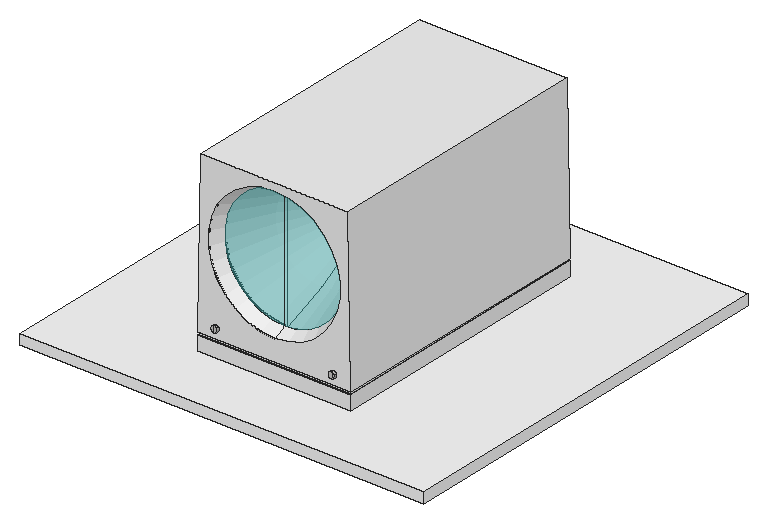
Revit family "BE_24597_de_DE", category Leuchten, Revit 2015
Parameters (values of type "BEGA_24597_Weiß_K4")
  built-in parameter 1150104 = 12.443 (stored number, unit not read)
  Wattage = 33 W
  Default Elevation = 0 mm
  built-in parameter 1150113 = 1 (stored number, unit not read)
  built-in parameter 1114218 = 1 (stored number, unit not read)
  Umgebungstemperatur = "25 °C"
  URL = "http://www.bega.de/produkt/24597"
  Typenkommentare = "© 2016 BEGA. Wir behalten uns das Recht vor, technische Änderungen ohne vorherige Ankündigung vorzunehmen."  # constant formula
  Type Image = 24597.png
  built-in parameter 1150134 = 12
  built-in parameter 1150109 = 1 (stored number, unit not read)
  Strom = ""
  built-in parameter 1150110 = 1 (stored number, unit not read)
  Spannung = 239.996 V
  Sonderanfertigung = no
  Seriennummer [instance] = "Hier können Sie die eindeutige Seriennummer für das Facility Management eintragen."
  Schutzklasse = "I"
  Schutzart = "IP 64"
  Scheinlast = 0 VA
  Produktdatenblatt = "http://www.bega.de/download/Xrfa/db/24597.db.de.pdf"
  Oberflächentemperatur = ""
  Neigungswinkel = 0.00°
  Modell = "24597WK4"
  Material_17 = BEGA_Reflektor
  Material_15 = BEGA_Leuchtmedium_matt
  Material_11 = BEGA_Glas_opal
  Material_09 = BEGA_Glas_klar
  Material_06 = BEGA_Oberfläche_Edelstahl_gebürstet
  Material_03 = BEGA_Oberfläche_Weiss_matt
  Material_02 = BEGA_Oberfläche_Silber_matt
  Material_01 [instance] = BEGA_Oberfläche_Grafit_matt
  M_W = yes
  M_G = no
  M_A = no
  Logo = 0
  built-in parameter 1114217 = 1 (stored number, unit not read)
  built-in parameter 1150139 = (empty or 0)
  built-in parameter 1150105 = 351.73 (stored number, unit not read)
  built-in parameter 1150114 = 1 (stored number, unit not read)
  Lumens = 4420.02 lm
  built-in parameter 1150115 = 1 (stored number, unit not read)
  Leuchtenlichtstrom = "1967 lm"
  Leuchtenanzahl = ""
  Lebensdauerkriterien = "L70 = 50.000 h"
  Lastklassifizierung = Beleuchtung
  built-in parameter 1150112 = 1 (stored number, unit not read)
  Lampenlichtstrom = "4420 lm"
  Lampe = "LED 33 W"
  LED_Modulbezeichnung = "LED-0681/840 + LED-0683/840"
  built-in parameter 1150142 = (empty or 0)
  Hersteller = "BEGA"  # constant formula
  Halbstreuwinkel = ""
  Gewicht = "3.35 kg"
  Gebrauchslageneinschränkung [instance] = ""
  Frequenz = "0/50-60 Hz"
  Farbwiedergabeindex = "Ra > 80"
  Farbtemperaturverschiebung bei Dämpfen der Lampe = <Keine Auswahl>
  Farbtemperatur = "4000 K"
  Color Filter = 16777215
  built-in parameter 1150133 = 10 (stored number, unit not read)
  Energieeffizienzklasse = "LED A++ - A"
  built-in parameter 1150137 = (empty or 0)
  built-in parameter 1150132 = (empty or 0)
  ENEC = ""
  Dimmbar [instance] = "DALI"
  Datei für fotometrisches Netz = "BE_24597K4.IES"
  CE_Konformität = "ja"
  Bestellnummer = "24597WK4"
  Beschreibung_Sonderanfertigung = "Hier können Sie Informationen zur Sonderanfertigung eintragen."
  Beschreibung = "Wandleuchte"
  built-in parameter 1150106 = 3.5173 (stored number, unit not read)
  Befestigungsbohrung = "Ø 6 mm"
  Befestigungsabstand = "125 mm"
  Ballwurfsicher = ""
  BEGA_Intern_aus = yes
  BEGA_Intern_an = yes
  BEGA_Intern_Konstruktion = yes
  BEGA_Intern = yes
  BEGA_IES = yes
  BEGA_Dummy = no
  Anschlussleitung = ""
  Anschlussleistung [instance] = "38.4 W"
  built-in parameter 1150107 = 4000 (stored number, unit not read)
  built-in parameter 1150102 = (empty or 0)
  built-in parameter 1150138 = (empty or 0)
  Aktualisierung = "2016-10-24T04:21:34"
  Abstand_zur_angestrahlten_Fläche [instance] = ""
  AC/DC = "AC/DC"
Types (6, lengths in mm): name | built-in parameter 1150104 | built-in parameter 1150134 | Modell | M_W | M_G | M_A | built-in parameter 1150105 | Lumens | Leuchtenlichtstrom | Lampenlichtstrom | LED_Modulbezeichnung | Farbtemperatur | Datei für fotometrisches Netz | Bestellnummer | built-in parameter 1150106 | built-in parameter 1150107
  BEGA_24597_Silber_K4 | 12.443 (stored number, unit not read) | (empty or 0) | "24597AK4" | no | no | yes | 351.73 (stored number, unit not read) | 4420.02 lm | "1967 lm" | "4420 lm" | "LED-0681/840 + LED-0683/840" | "4000 K" | "BE_24597K4.IES" | "24597AK4" | 3.5173 (stored number, unit not read) | 3000 (stored number, unit not read)
  BEGA_24597_Grafit_K3 | 11.824 (stored number, unit not read) | (empty or 0) | "24597" | no | yes | no | 334.22 (stored number, unit not read) | 4199.91 lm | "1869 lm" | "4200 lm" | "LED-0681/830 + LED-0683/830" | "3000 K" | "BE_24597.IES" | "24597" | 3.3422 (stored number, unit not read) | 3000 (stored number, unit not read)
  BEGA_24597_Silber_K3 | 11.824 (stored number, unit not read) | (empty or 0) | "24597A" | no | no | yes | 334.22 (stored number, unit not read) | 4199.91 lm | "1869 lm" | "4200 lm" | "LED-0681/830 + LED-0683/830" | "3000 K" | "BE_24597.IES" | "24597A" | 3.3422 (stored number, unit not read) | 3000 (stored number, unit not read)
  BEGA_24597_Grafit_K4 | 12.443 (stored number, unit not read) | 12 | "24597K4" | no | yes | no | 351.73 (stored number, unit not read) | 4420.02 lm | "1967 lm" | "4420 lm" | "LED-0681/840 + LED-0683/840" | "4000 K" | "BE_24597K4.IES" | "24597K4" | 3.5173 (stored number, unit not read) | 4000 (stored number, unit not read)
  BEGA_24597_Weiß_K3 | 11.824 (stored number, unit not read) | (empty or 0) | "24597W" | yes | no | no | 334.22 (stored number, unit not read) | 4199.91 lm | "1869 lm" | "4200 lm" | "LED-0681/830 + LED-0683/830" | "3000 K" | "BE_24597.IES" | "24597W" | 3.3422 (stored number, unit not read) | 3000 (stored number, unit not read)
  BEGA_24597_Weiß_K4 | 12.443 (stored number, unit not read) | 12 | "24597WK4" | yes | no | no | 351.73 (stored number, unit not read) | 4420.02 lm | "1967 lm" | "4420 lm" | "LED-0681/840 + LED-0683/840" | "4000 K" | "BE_24597K4.IES" | "24597WK4" | 3.5173 (stored number, unit not read) | 4000 (stored number, unit not read)
Reference planes
  plane 1 "Mitte (Vorne/Hinten)": y = 0
  plane 2: z = 0
  plane 3 "Mitte (Links/Rechts)": x = 0
  plane 4 "Links": x = -75.806
  plane 5 "Rechts": x = 75.806
  plane 6 "Unten": y = -135.253
  plane 7 "Oben": y = 135.253
  plane 8 "Vorne": z = 175.5
  plane 9 "Hinten": z = 0
Forms (mm)
  Extrusion 1, solid, material "BEGA_Platte_Weiss"
    sketch origin (0, -1119.2, 0) x (1, 0, 0) y (0, 1, 0)
      loop
        line (-200, 1319.2) -> (-200, 919.2) -> (200, 919.2) -> (200, 1319.2) -> (-200, 1319.2)
    from 0 to -10
  Extrusion 2, solid, material "BEGA_Dummy_matt", visible <- "BEGA_Dummy"
    sketch origin (80.095, -76.023, 0) x (1, 0, 0) y (0, 1, 0)
      loop
        line (-155.902, 211.276) -> (-155.902, -59.23) -> (-4.289, -59.23) -> (-4.289, 211.276) -> (-155.902, 211.276)
    from 0 to 175.5
Dimensions and locks
  plane 1 "Mitte (Vorne/Hinten)" to Extrusion 1 = 200 mm
  aligned and locked: plane 2 to Extrusion 1
  aligned and locked: level to Extrusion 1
Nested families
  nested 1: "BE_24597" at (0, 0, 0) x (0, -1, 0) z (0, 0, 1), type "BE_24597"
Connectors
  electrical at (0, 0, 0), driven by "Lastklassifizierung", driven by "Spannung", driven by "Scheinlast"
    settings: index 1, voltage 239.996 V, apparent load 0 VA, apparent load phase1 0 VA, apparent load phase2 0 VA, apparent load phase3 0 VA, power factor 1, load classification "Beleuchtung", number of poles 1, system type 31, power factor state 1, is connector primary yes, connector utility no, sub classification motor no, connector description ""
Definition of nested family "BE_24597"
  Parameters (values of type "BE_24597")
    Default Elevation = 1 mm
    URL = "http://www.bega.de/de/produkt"
    Type Comments = "© 2015 BEGA. Wir behalten uns das Recht vor, technische Änderungen ohne vorherige Ankündigung vorzunehmen. "  # constant formula
    Type Image = (empty or 0)
    Material_17 = none
    Material_15 = none
    Material_11 = none
    Material_09 = none
    Material_06 = none
    Material_03 = none
    Material_02 = none
    Material_01 = none
    M_W = yes
    M_G = yes
    M_A = yes
    Länge_Platte = 300 mm  # constant formula
    Höhe_Platte = -10 mm  # constant formula
    Manufacturer = "BEGA"  # constant formula
    Breite_Platte = 200 mm  # constant formula
  Reference planes
    plane 1 "Mitte (Oben/Unten)": y = 0
    plane 2: z = 0
    plane 3 "Mitte (Links/Rechts)": x = 0
    plane 4 "Unten": y = -75.806
    plane 5: x = -135.253
    plane 6: x = 135.253
    plane 7: z = 175.5
    plane 8: y = 75.806
  Forms (mm)
    Extrusion 1, solid, detail levels medium
      sketch origin (0, 0, 0) x (1, 0, 0) y (0, 1, 0)
        loop
          line (-150, 100) -> (-150, -100) -> (150, -100) -> (150, 100) -> (-150, 100)
      from 0 to -10 <- "Höhe_Platte"
    Extrusion 2, solid, material <- "Material_01", visible <- "M_G", detail levels medium+fine
      sketch origin (0, 0, 0) x (1, 0, 0) y (0, 0, 1)
        loop
          line (135, 175.5) -> (-135, 175.5) -> (-135, 16.471) -> (-124.509, 16.471) -> (-124.509, 172.5) -> (122.759, 172.5) -> (122.759, 16.471) -> (135, 16.471) -> (135, 175.5)
      from -75.553 to 75.553
    Extrusion 3, solid, material <- "Material_01", visible <- "M_G", detail levels medium+fine
      sketch origin (0, 0, 0) x (0, 1, 0) y (0, 0, 1)
        loop
          line (-75.553, 175.5) -> (-75.553, 16.471) -> (-70.41, 16.471) -> (-70.41, 175.5) -> (-75.553, 175.5)
        loop
          line (75.553, 175.5) -> (70.41, 175.5) -> (70.41, 16.471) -> (75.553, 16.471) -> (75.553, 175.5)
      from -135 to 133
    Sweep 4, solid, material <- "Material_01", visible <- "M_G", detail levels medium+fine
      path in 3D
        loop
          line (135, 75.553, 175.5) -> (-135, 75.553, 175.5) -> (-135, -75.553, 175.5) -> (135, -75.553, 175.5) -> (135, 75.553, 175.5)
      profile origin (135, 0, 175.5) x (-1, 0, 0) y (0, 0, 1)
        loop
          line (0, -161) -> (-0.253, -175.5) -> (3.5, -175.5) -> (4.029, -160.346) -> (69.21, -160.346) -> (69.21, -156) -> (3.859, -156) -> (0.83, -159.029) -> (0.83, -161) -> (0, -161)
    Extrusion 5, solid, material <- "Material_01", visible <- "M_G", detail levels medium+fine
      sketch origin (0, 0, 0) x (1, 0, 0) y (0, 1, 0)
        loop
          line (65.79, 6.343) -> (-65.79, 6.343) -> (-65.79, -6.343) -> (65.79, -6.343) -> (65.79, 6.343)
      from 15.154 to 19.5
    Revolve 6, void
      sketch origin (0, 0, 0) x (1, 0, 0) y (0, 0, 1)
        loop
          line (-135, 169.882) -> (-135, 103) -> (-124.44, 103) -> (-124.44, 165.581) -> (-130.8, 165.581) -> (-130.8, 168.26) -> (-135, 169.882)
        axis (-135, 103) -> (-124.44, 103)
      angle from 0 to 360
    Revolve 7, void
      sketch origin (0, 0, 0) x (1, 0, 0) y (0, 0, 1)
        loop
          line (122.074, 162.473) -> (122.074, 103) -> (135.914, 103) -> (135.914, 168.926) -> (122.074, 162.473)
        axis (122.074, 103) -> (135.914, 103)
      angle from 0 to 360
    Revolve 8, solid, material <- "Material_09", detail levels medium+fine
      sketch origin (0, 0, 0) x (1, 0, 0) y (0, 0, 1)
        loop
          line (-130.8, 168) -> (-134.8, 168) -> (-134.8, 102.998) -> (-130.8, 102.998) -> (-130.8, 168)
        axis (-134.8, 102.998) -> (-130.8, 102.998)
      angle from 0 to 360
    Revolve 9, solid, material <- "Material_09", detail levels medium+fine
      sketch origin (253.559, 0, 0) x (1, 0, 0) y (0, 0, 1)
        loop
          line (-130.8, 168) -> (-134.8, 168) -> (-134.8, 102.998) -> (-130.8, 102.998) -> (-130.8, 168)
        axis (-134.8, 102.998) -> (-130.8, 102.998)
      angle from 0 to 360
    Revolve 10, solid, material <- "Material_17", detail levels medium+fine
      sketch origin (-5.687, 0, 0) x (-1, 0, 0) y (0, 0, 1)
        loop
          line (-43.461, 108.7) -> (-42.457, 108.674) -> (-43.5, 125.721)
          arc (-43.5, 125.721) -> (-81.904, 148.683) -> (-123.399, 165.425) r 288.248
          line (-123.399, 165.425) -> (-123.399, 170.811) -> (-124.446, 170.811) -> (-124.446, 164.823)
          arc (-124.446, 164.823) -> (-82.915, 148.125) -> (-44.47, 125.198) r 288.248
          line (-44.47, 125.198) -> (-43.461, 108.7)
        axis (-42.457, 102.974) -> (-124.446, 102.974)
      angle from 0 to 360
    Revolve 11, solid, material <- "Material_15", detail levels medium+fine
      sketch origin (74.883, 0, 0) x (1, 0, 0) y (0, 0, 1)
        loop
          line (-40.827, 97.976) -> (-39.967, 97.976) -> (-39.967, 102.976) -> (-40.827, 102.976) -> (-40.827, 97.976)
        axis (-40.827, 102.976) -> (-39.827, 102.976)
      angle from 0 to 360
    Revolve 12, solid, material <- "Material_06", detail levels fine
      sketch origin (0, -58, 0) x (1, 0, 0) y (0, 0, 1)
        loop
          line (137.141, 29.3) -> (135, 29.3) -> (135, 26.3) -> (137.141, 26.3) -> (137.141, 29.3)
        axis (135, 26.3) -> (137.141, 26.3)
      angle from 0 to 360
    Revolve 13, solid, material <- "Material_06", detail levels fine
      sketch origin (0, 58, 0) x (1, 0, 0) y (0, 0, -1)
        loop
          line (137.141, -29.3) -> (137.141, -26.3) -> (135, -26.3) -> (135, -29.3) -> (137.141, -29.3)
        axis (135, -26.3) -> (137.141, -26.3)
      angle from 0 to 360
    Sweep 14, solid, material <- "Material_02", visible <- "M_A", detail levels medium+fine
      path in 3D
        loop
          line (135, 75.553, 175.5) -> (-135, 75.553, 175.5) -> (-135, -75.553, 175.5) -> (135, -75.553, 175.5) -> (135, 75.553, 175.5)
      profile origin (135, 0, 175.5) x (-1, 0, 0) y (0, 0, 1)
        loop
          line (0, -161) -> (-0.253, -175.5) -> (3.5, -175.5) -> (4.029, -160.346) -> (69.21, -160.346) -> (69.21, -156) -> (3.859, -156) -> (0.83, -159.029) -> (0.83, -161) -> (0, -161)
    Extrusion 15, solid, material <- "Material_02", visible <- "M_A", detail levels medium+fine
      sketch origin (0, 0, 0) x (1, 0, 0) y (0, 1, 0)
        loop
          line (65.79, 6.343) -> (-65.79, 6.343) -> (-65.79, -6.343) -> (65.79, -6.343) -> (65.79, 6.343)
      from 15.154 to 19.5
    Sweep 16, solid, material <- "Material_03", visible <- "M_W", detail levels medium+fine
      path in 3D
        loop
          line (135, 75.553, 175.5) -> (-135, 75.553, 175.5) -> (-135, -75.553, 175.5) -> (135, -75.553, 175.5) -> (135, 75.553, 175.5)
      profile origin (135, 0, 175.5) x (-1, 0, 0) y (0, 0, 1)
        loop
          line (0, -161) -> (-0.253, -175.5) -> (3.5, -175.5) -> (4.029, -160.346) -> (69.21, -160.346) -> (69.21, -156) -> (3.859, -156) -> (0.83, -159.029) -> (0.83, -161) -> (0, -161)
    Extrusion 17, solid, material <- "Material_03", visible <- "M_W", detail levels medium+fine
      sketch origin (0, 0, 0) x (1, 0, 0) y (0, 1, 0)
        loop
          line (65.79, 6.343) -> (-65.79, 6.343) -> (-65.79, -6.343) -> (65.79, -6.343) -> (65.79, 6.343)
      from 15.154 to 19.5
    Extrusion 18, solid, material <- "Material_02", visible <- "M_A", detail levels medium+fine
      sketch origin (0, 0, 0) x (1, 0, 0) y (0, 0, 1)
        loop
          line (135, 175.5) -> (-135, 175.5) -> (-135, 16.471) -> (-124.509, 16.471) -> (-124.509, 172.5) -> (122.759, 172.5) -> (122.759, 16.471) -> (135, 16.471) -> (135, 175.5)
      from -75.553 to 75.553
    Extrusion 19, solid, material <- "Material_02", visible <- "M_A", detail levels medium+fine
      sketch origin (0, 0, 0) x (0, 1, 0) y (0, 0, 1)
        loop
          line (-75.553, 175.5) -> (-75.553, 16.471) -> (-70.41, 16.471) -> (-70.41, 175.5) -> (-75.553, 175.5)
        loop
          line (75.553, 175.5) -> (70.41, 175.5) -> (70.41, 16.471) -> (75.553, 16.471) -> (75.553, 175.5)
      from -135 to 133
    Extrusion 20, solid, material <- "Material_03", visible <- "M_W", detail levels medium+fine
      sketch origin (0, 0, 0) x (1, 0, 0) y (0, 0, 1)
        loop
          line (135, 175.5) -> (-135, 175.5) -> (-135, 16.471) -> (-124.509, 16.471) -> (-124.509, 172.5) -> (122.759, 172.5) -> (122.759, 16.471) -> (135, 16.471) -> (135, 175.5)
      from -75.553 to 75.553
    Extrusion 21, solid, material <- "Material_03", visible <- "M_W", detail levels medium+fine
      sketch origin (0, 0, 0) x (0, 1, 0) y (0, 0, 1)
        loop
          line (-75.553, 175.5) -> (-75.553, 16.471) -> (-70.41, 16.471) -> (-70.41, 175.5) -> (-75.553, 175.5)
        loop
          line (75.553, 175.5) -> (70.41, 175.5) -> (70.41, 16.471) -> (75.553, 16.471) -> (75.553, 175.5)
      from -135 to 133
    Extrusion 22, void
      sketch origin (0, 0, 0) x (1, 0, 0) y (0, 1, 0)
        loop
          circle (0, 62.5) r 2.895
        loop
          circle (0, -62.5) r 2.895
        loop
          circle (13, 42) r 8.5
        loop
          circle (-13, 42) r 8.5
      from 0 to 29
    Extrusion 23, void
      sketch origin (0, 0, 0) x (0, 1, 0) y (0, 0, 1)
        loop
          line (-75.553, 16.471) -> (-72.673, 181.446) -> (-75.553, 181.446) -> (-75.553, 16.471)
        loop
          line (75.553, 16.471) -> (75.553, 181.446) -> (72.673, 181.446) -> (75.553, 16.471)
      from -137 to 137.141
    Extrusion 24, solid, material <- "Material_15", detail levels medium+fine
      sketch origin (0, 0, 0) x (1, 0, 0) y (0, 1, 0)
        loop
          line (-71.573, 1.017) -> (-72.369, 1.017) -> (-72.369, -1.017) -> (-71.573, -1.017) -> (-71.573, 1.017)
      from 74.783 to 130.602
  Cuts and joins
    Revolve 6, Revolve 7, Extrusion 22, Extrusion 23 cuts Extrusion 2
    Revolve 6, Revolve 7, Extrusion 22, Extrusion 23 cuts Extrusion 3
    joined: Extrusion 2, Extrusion 3
    Extrusion 22 cuts Sweep 4
    Extrusion 22 cuts Extrusion 5
    joined: Sweep 4, Extrusion 5
    Extrusion 22 cuts Sweep 14
    Extrusion 22 cuts Extrusion 15
    joined: Sweep 14, Extrusion 15
    Extrusion 22 cuts Sweep 16
    Extrusion 22 cuts Extrusion 17
    joined: Sweep 16, Extrusion 17
    Revolve 6, Revolve 7, Extrusion 22, Extrusion 23 cuts Extrusion 18
    Extrusion 22, Extrusion 23 cuts Extrusion 19
    joined: Extrusion 18, Extrusion 19
    Revolve 6, Revolve 7, Extrusion 22, Extrusion 23 cuts Extrusion 20
    Extrusion 22, Extrusion 23 cuts Extrusion 21
    joined: Extrusion 20, Extrusion 21
  Lines and regions (mm)
    sketch lines
      curve 1: line (135, -75.553, 175.5) -> (135, 75.553, 175.5)
      curve 2: line (-135, 75.553, 175.5) -> (135, 75.553, 175.5)
      curve 3: line (-135, -75.553, 175.5) -> (-135, 75.553, 175.5)
      curve 4: line (135, -75.553, 175.5) -> (-135, -75.553, 175.5)
      curve 5: line (135, -75.553, 175.5) -> (135, 75.553, 175.5)
      curve 6: line (-135, 75.553, 175.5) -> (135, 75.553, 175.5)
      curve 7: line (-135, -75.553, 175.5) -> (-135, 75.553, 175.5)
      curve 8: line (135, -75.553, 175.5) -> (-135, -75.553, 175.5)
      curve 9: line (135, -75.553, 175.5) -> (135, 75.553, 175.5)
      curve 10: line (-135, 75.553, 175.5) -> (135, 75.553, 175.5)
      curve 11: line (-135, -75.553, 175.5) -> (-135, 75.553, 175.5)
      curve 12: line (135, -75.553, 175.5) -> (-135, -75.553, 175.5)
  Dimensions and locks
    equal spacing: Extrusion 1 sketch curve, plane 3 "Mitte (Links/Rechts)", Extrusion 1 sketch curve
    equal spacing: Extrusion 1 sketch curve, plane 1 "Mitte (Oben/Unten)", Extrusion 1 sketch curve
    "Länge_Platte": Extrusion 1 sketch curve to Extrusion 1 sketch curve
    "Breite_Platte": Extrusion 1 sketch curve to Extrusion 1 sketch curve
    aligned and locked: Extrusion 1 to plane 2
    aligned and locked: level to Extrusion 1
  Automatic sketch dimensions
    level to Extrusion 3 sketch curve = 16.471 mm  (x2)
    plane 1 "Mitte (Oben/Unten)" to Extrusion 3 sketch curve = 75.553 mm
    Extrusion 3 sketch curve to Extrusion 3 sketch curve = 5.144 mm  (x2)
    Extrusion 3 sketch curve to plane 1 "Mitte (Oben/Unten)" = 70.41 mm
    Sweep 4 sketch curve to profile plane = 0 mm
    profile plane to Sweep 4 sketch curve = 0.253 mm
    Sweep 4 sketch curve to profile plane = 0.83 mm
    Sweep 4 sketch curve to profile plane = 3.5 mm
    Sweep 4 sketch curve to profile plane = 3.859 mm
    Sweep 4 sketch curve to Sweep 4 sketch curve = 3.199 mm
    Sweep 4 sketch curve to Sweep 4 sketch curve = 65.181 mm
    Sweep 4 sketch curve to profile plane = 175.5 mm
    Sweep 4 sketch curve to Sweep 4 sketch curve = 14.5 mm
    Sweep 4 sketch curve to Sweep 4 sketch curve = 15.154 mm
    Sweep 4 sketch curve to Sweep 4 sketch curve = 1.971 mm
    Sweep 4 sketch curve to Sweep 4 sketch curve = 3.029 mm
    plane 1 "Mitte (Oben/Unten)" to Extrusion 5 sketch curve = 6.343 mm
    Extrusion 5 sketch curve to plane 3 "Mitte (Links/Rechts)" = 65.79 mm
    plane 3 "Mitte (Links/Rechts)" to Extrusion 5 sketch curve = 65.79 mm
    Extrusion 5 sketch curve to plane 1 "Mitte (Oben/Unten)" = 6.343 mm
    Revolve 6 sketch curve to Revolve 6 sketch curve = 4.2 mm
    Revolve 6 sketch curve to Revolve 6 sketch curve = 10.56 mm
    Revolve 6 sketch curve to Revolve 6 sketch curve = 2.679 mm
    Revolve 6 sketch curve to Revolve 6 sketch curve = 62.581 mm
    Revolve 6 sketch curve to Revolve 6 sketch curve = 0 mm  (x3)
    Revolve 7 sketch curve to Revolve 7 sketch curve = 13.839 mm
    Revolve 7 sketch curve to Revolve 7 sketch curve = 59.473 mm
    Revolve 7 sketch curve to Revolve 7 sketch curve = 6.453 mm
    Revolve 7 sketch curve to Revolve 7 sketch curve = 0 mm  (x3)
    Revolve 8 sketch curve to Revolve 8 sketch curve = 4 mm
    Revolve 8 sketch curve to Revolve 8 sketch curve = 0 mm  (x3)
    Revolve 9 sketch curve to Revolve 9 sketch curve = 4 mm
    Revolve 9 sketch curve to Revolve 9 sketch curve = 0 mm  (x3)
    Revolve 10 sketch curve to Revolve 10 sketch curve = 0.708 mm
    Revolve 10 sketch curve to Revolve 10 sketch curve = 1.047 mm
    Revolve 10 sketch curve to plane 3 "Mitte (Links/Rechts)" = 38.782 mm
    Revolve 10 sketch curve to Revolve 10 sketch curve = 0.97 mm
    Revolve 10 sketch curve to Revolve 10 sketch curve = 1.009 mm
    Revolve 10 sketch curve to Revolve 10 sketch curve = 1.003 mm
    Revolve 10 sketch curve to Revolve 10 sketch curve = 5.387 mm
    Revolve 10 sketch curve to Revolve 10 sketch curve = 0.601 mm
    Revolve 10 sketch curve to Revolve 10 sketch curve = 39.704 mm
    Revolve 10 sketch curve to Revolve 10 sketch curve = 0.523 mm
    Revolve 10 sketch curve to Revolve 10 sketch curve = 16.498 mm
    Revolve 10 sketch curve to Revolve 10 sketch curve = 0.026 mm
    Revolve 10 sketch curve to Revolve 10 sketch curve = 5.775 mm
    Revolve 10 sketch curve to Revolve 10 sketch curve = 10.293 mm
    Revolve 10 sketch curve to Revolve 10 sketch curve = 5.726 mm
    plane 3 "Mitte (Links/Rechts)" to Revolve 11 sketch curve = 34.056 mm
    Revolve 11 sketch curve to Revolve 11 sketch curve = 0.86 mm
    level to Revolve 11 sketch curve = 97.976 mm
    Revolve 11 sketch curve to Revolve 11 sketch curve = 5 mm
    Revolve 11 sketch curve to Revolve 11 sketch curve = 0 mm  (x3)
    level to Revolve 12 sketch curve = 26.3 mm
    Revolve 12 sketch curve to Revolve 12 sketch curve = 2.141 mm
    Revolve 12 sketch curve to Revolve 12 sketch curve = 3 mm
    Revolve 12 sketch curve to Revolve 12 sketch curve = 0 mm  (x3)
    level to Revolve 13 sketch curve = 26.3 mm
    Revolve 13 sketch curve to Revolve 13 sketch curve = 2.141 mm
    Revolve 13 sketch curve to Revolve 13 sketch curve = 3 mm
    Revolve 13 sketch curve to Revolve 13 sketch curve = 0 mm  (x3)
    Extrusion 2 sketch curve to Extrusion 2 sketch curve = 10.491 mm
    Extrusion 2 sketch curve to Extrusion 2 sketch curve = 12.241 mm
    level to Extrusion 2 sketch curve = 16.471 mm  (x2)
    Sweep 14 sketch curve to profile plane = 0 mm
    profile plane to Sweep 14 sketch curve = 0.253 mm
    Sweep 14 sketch curve to profile plane = 0.83 mm
    Sweep 14 sketch curve to profile plane = 3.5 mm
    Sweep 14 sketch curve to profile plane = 3.859 mm
    Sweep 14 sketch curve to Sweep 14 sketch curve = 3.199 mm
    Sweep 14 sketch curve to Sweep 14 sketch curve = 65.181 mm
    Sweep 14 sketch curve to profile plane = 175.5 mm
    Sweep 14 sketch curve to Sweep 14 sketch curve = 14.5 mm
    Sweep 14 sketch curve to Sweep 14 sketch curve = 15.154 mm
    Sweep 14 sketch curve to Sweep 14 sketch curve = 1.971 mm
    Sweep 14 sketch curve to Sweep 14 sketch curve = 3.029 mm
    plane 1 "Mitte (Oben/Unten)" to Extrusion 15 sketch curve = 6.343 mm
    Extrusion 15 sketch curve to plane 3 "Mitte (Links/Rechts)" = 65.79 mm
    plane 3 "Mitte (Links/Rechts)" to Extrusion 15 sketch curve = 65.79 mm
    Extrusion 15 sketch curve to plane 1 "Mitte (Oben/Unten)" = 6.343 mm
    Sweep 16 sketch curve to profile plane = 0 mm
    profile plane to Sweep 16 sketch curve = 0.253 mm
    Sweep 16 sketch curve to profile plane = 0.83 mm
    Sweep 16 sketch curve to profile plane = 3.5 mm
    Sweep 16 sketch curve to profile plane = 3.859 mm
    Sweep 16 sketch curve to Sweep 16 sketch curve = 3.199 mm
    Sweep 16 sketch curve to Sweep 16 sketch curve = 65.181 mm
    Sweep 16 sketch curve to profile plane = 175.5 mm
    Sweep 16 sketch curve to Sweep 16 sketch curve = 14.5 mm
    Sweep 16 sketch curve to Sweep 16 sketch curve = 15.154 mm
    Sweep 16 sketch curve to Sweep 16 sketch curve = 1.971 mm
    Sweep 16 sketch curve to Sweep 16 sketch curve = 3.029 mm
    plane 1 "Mitte (Oben/Unten)" to Extrusion 17 sketch curve = 6.343 mm
    Extrusion 17 sketch curve to plane 3 "Mitte (Links/Rechts)" = 65.79 mm
    plane 3 "Mitte (Links/Rechts)" to Extrusion 17 sketch curve = 65.79 mm
    Extrusion 17 sketch curve to plane 1 "Mitte (Oben/Unten)" = 6.343 mm
    Extrusion 18 sketch curve to Extrusion 18 sketch curve = 10.491 mm
    Extrusion 18 sketch curve to Extrusion 18 sketch curve = 12.241 mm
    level to Extrusion 18 sketch curve = 16.471 mm  (x2)
    level to Extrusion 19 sketch curve = 16.471 mm  (x2)
    plane 1 "Mitte (Oben/Unten)" to Extrusion 19 sketch curve = 75.553 mm
    Extrusion 19 sketch curve to Extrusion 19 sketch curve = 5.144 mm  (x2)
    Extrusion 19 sketch curve to plane 1 "Mitte (Oben/Unten)" = 70.41 mm
    Extrusion 20 sketch curve to Extrusion 20 sketch curve = 10.491 mm
    Extrusion 20 sketch curve to Extrusion 20 sketch curve = 12.241 mm
    level to Extrusion 20 sketch curve = 16.471 mm  (x2)
    level to Extrusion 21 sketch curve = 16.471 mm  (x2)
    plane 1 "Mitte (Oben/Unten)" to Extrusion 21 sketch curve = 75.553 mm
    Extrusion 21 sketch curve to Extrusion 21 sketch curve = 5.144 mm  (x2)
    Extrusion 21 sketch curve to plane 1 "Mitte (Oben/Unten)" = 70.41 mm
    Extrusion 22 sketch curve to plane 3 "Mitte (Links/Rechts)" = 0 mm  (x2)
    Extrusion 22 sketch curve to plane 3 "Mitte (Links/Rechts)" = 13 mm
    plane 3 "Mitte (Links/Rechts)" to Extrusion 22 sketch curve = 13 mm
    plane 1 "Mitte (Oben/Unten)" to Extrusion 22 sketch curve = 62.5 mm
    Extrusion 22 sketch curve to plane 1 "Mitte (Oben/Unten)" = 42 mm
    Extrusion 22 sketch curve to Extrusion 22 sketch curve = 0 mm
    Extrusion 22 sketch curve to Extrusion 22 sketch curve = 20.5 mm
    level to Extrusion 23 sketch curve = 16.471 mm  (x2)
    plane 1 "Mitte (Oben/Unten)" to Extrusion 23 sketch curve = 75.553 mm
    Extrusion 23 sketch curve to Extrusion 23 sketch curve = 2.88 mm
    Extrusion 23 sketch curve to plane 1 "Mitte (Oben/Unten)" = 72.673 mm
    Extrusion 23 sketch curve to plane 1 "Mitte (Oben/Unten)" = 75.553 mm
    Extrusion 2 sketch curve to plane 3 "Mitte (Links/Rechts)" = 124.509 mm
    Revolve 6 sketch curve to plane 3 "Mitte (Links/Rechts)" = 135 mm
    Revolve 8 sketch curve to plane 3 "Mitte (Links/Rechts)" = 134.8 mm
    Extrusion 18 sketch curve to plane 3 "Mitte (Links/Rechts)" = 124.509 mm
    Extrusion 20 sketch curve to plane 3 "Mitte (Links/Rechts)" = 124.509 mm
    plane 3 "Mitte (Links/Rechts)" to Extrusion 2 sketch curve = 122.759 mm
    plane 3 "Mitte (Links/Rechts)" to Revolve 7 sketch curve = 122.074 mm
    plane 3 "Mitte (Links/Rechts)" to Revolve 9 sketch curve = 118.759 mm
    Revolve 10 sketch curve to Revolve 10 sketch curve = 78.929 mm
    plane 3 "Mitte (Links/Rechts)" to Revolve 12 sketch curve = 135 mm
    plane 3 "Mitte (Links/Rechts)" to Revolve 13 sketch curve = 135 mm
    plane 3 "Mitte (Links/Rechts)" to Extrusion 18 sketch curve = 122.759 mm
    plane 3 "Mitte (Links/Rechts)" to Extrusion 20 sketch curve = 122.759 mm
    Revolve 6 sketch curve to Revolve 6 sketch curve = 1.622 mm
    Revolve 10 sketch curve to plane 3 "Mitte (Links/Rechts)" = 204.49 mm
    level to Revolve 10 sketch curve = 110.159 mm
    Extrusion 2 sketch curve to plane 7 = 0 mm
    plane 7 to Extrusion 2 sketch curve = 3 mm
    plane 7 to Extrusion 3 sketch curve = 0 mm  (x2)
    plane 7 to Revolve 6 sketch curve = 72.5 mm
    plane 7 to Revolve 7 sketch curve = 72.5 mm
    plane 7 to Revolve 8 sketch curve = 72.502 mm
    plane 7 to Revolve 8 sketch curve = 7.5 mm
    plane 7 to Revolve 9 sketch curve = 72.502 mm
    plane 7 to Revolve 9 sketch curve = 7.5 mm
    Extrusion 18 sketch curve to plane 7 = 0 mm
    plane 7 to Extrusion 18 sketch curve = 3 mm
    plane 7 to Extrusion 19 sketch curve = 0 mm  (x2)
    Extrusion 20 sketch curve to plane 7 = 0 mm
    plane 7 to Extrusion 20 sketch curve = 3 mm
    plane 7 to Extrusion 21 sketch curve = 0 mm  (x2)
    Extrusion 23 sketch curve to plane 7 = 5.946 mm  (x2)
    Extrusion 24 sketch curve to plane 1 "Mitte (Oben/Unten)" = 1.017 mm
    Extrusion 24 sketch curve to plane 5 = 62.884 mm
    Extrusion 24 sketch curve to Extrusion 24 sketch curve = 0.796 mm
    plane 1 "Mitte (Oben/Unten)" to Extrusion 24 sketch curve = 1.017 mm
    radius of Extrusion 22 sketch curve = 2.895 mm  (x2)
    radius of Extrusion 22 sketch curve = 8.5 mm  (x2)
